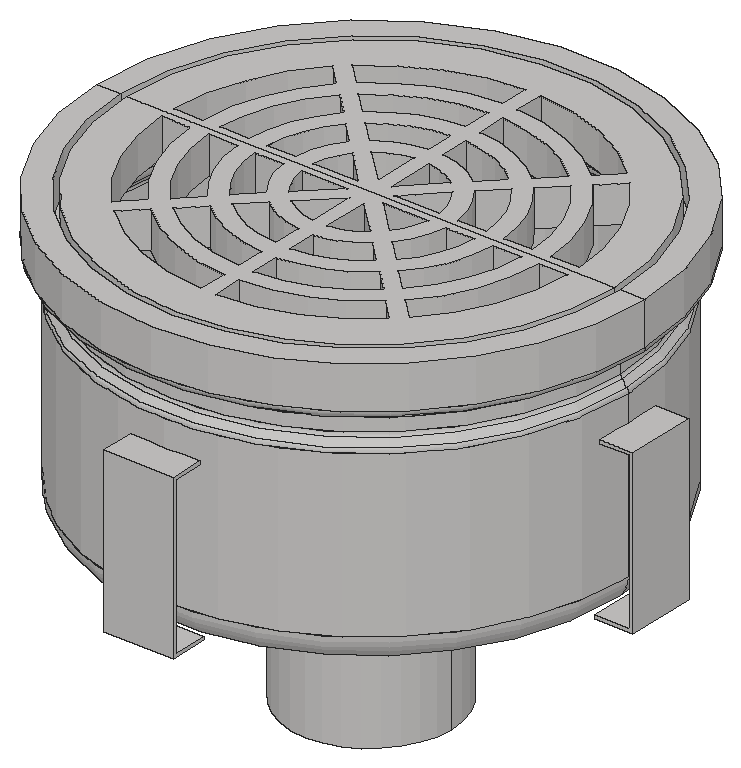
Revit family "Drain_Floor_12_Inch_Round-Zurn-Z1805-12B", category Plumbing Fixtures, Revit 2022
Family settings
  Round Connector Dimension = Use Radius
  Part Type = Normal
  OmniClass Number = 23.45.55.21
  OmniClass Title = Drains (Wastes)
  Work Plane-Based = No
  Always vertical = Yes
  Cut with Voids When Loaded = No
  Maintain Annotation Orientation = No
  Shared = No
  Room Calculation Point = No
Parameters (values of type "Load Family Type Catalogue")
  Waste Connection = 1 = 1  # yes
  WFU = 1  # constant formula
  Vent Connection = 1 = 0  # no
  URL = "www.zurn.com"
  Type Comments = "Z1805-12B- 3 Inch No-Hub Outlet (Sch 10)"
  Product data url = "https://bimobject.com/zurnindustries/product/Z1805-12B"
  Product Page URL = "https://www.zurn.com/products/drainage-interceptors/stainless-drains/stainless-floor-drains/fabricated-stainless-floor-drains/z1805-12b"
  Product Documentation Link = "https://files.zurn.com/spec-sheets/z1805-12b.pdf"
  Pipe Size 'A' (Outer Radius) = [Pipe Size 'A' (Outer Diameter)] / 2  # 1.750"
  Pipe Size 'A' (Inner Radius) = [Pipe Size 'A' (Inner Diameter)] / 2  # 1.630"
  Pipe Size 'A' (Inner Diameter) = 3.260"
  Pipe Size 'A' (Nominal Radius) = [Pipe Size 'A' (Nominal Diameter)] / 2  # 1.500"
  Modified Date = "02/18/2026"  # constant formula
  Model = "Z1805-12B"
  Manufacurer Brand = "Zurn"  # constant formula
  Manufacturer = "Zurn Water, LLC"  # constant formula
  Main Material = Steel - Zurn - Stainless - Type - 304
  HWFU = 0  # constant formula
  HW Connection = 1 = 0  # no
  Body Height  ' E ' = 9.750"
  Description = "12” [305] ROUND INDUSTRIAL HIGH-CAPACITY SANITARY FLOOR DRAIN"  # constant formula
  Default Elevation = 20.000"
  Date Created = "06/14/2024"  # constant formula
  CWFU = 0  # constant formula
  CW Connection = 1 = 0  # no
  Assembly Code = "D2030300"
  Pipe Size 'A' (Outer Diameter) = 3.500"
  Pipe Size 'A' (Nominal Diameter) = 3.000"
Reference planes (in)
  plane 1 "Center (Front/Back)": y = 0
  plane 2: z = 0
  plane 3 "Center (Left/Right)": x = 0
  plane 4 "Outlet": z = -9.75
  plane 5: z = -7.143
  plane 6: x = 1.75
  plane 7: z = -2.5
  plane 8: z = -6
  plane 9: x = -6.25
  plane 10: x = 6.25
  plane 11: x = -5.297
  plane 12: y = 0.75
  plane 13: y = -0.75
  plane 14: z = -2.5
  plane 15: z = -6
  plane 16: y = 6.25
  plane 17: y = -6.25
  plane 18: x = -0.75
  plane 19: x = 0.75
  plane 20: x = -1.75
  plane 21: x = 5.906
  plane 22: x = -5.906
  plane 23: x = 5.375
  plane 24: x = -5.375
  plane 25: x = 0
  plane 26: x = -0.156
  plane 27: through (0, 0, 48) normal (0.7071, -0.7071, 0)
  plane 28: through (0.11031, -0.11031, 48) normal (0.7071, -0.7071, 0)
  plane 29: through (0, 0, 48) normal (0.7071, -0.7071, 0)
  plane 30: through (-0.11031, 0.11031, 48) normal (0.7071, -0.7071, 0)
  plane 31: y = 0
  plane 32: y = -0.156
  plane 33: y = 0
  plane 34: y = 0.156
  plane 35: through (0, 0, 48) normal (-0.7071, -0.7071, 0)
  plane 36: through (-0.11031, -0.11031, 48) normal (-0.7071, -0.7071, 0)
  plane 37: through (0, 0, 48) normal (-0.7071, -0.7071, 0)
  plane 38: through (0.11031, 0.11031, 48) normal (-0.7071, -0.7071, 0)
  plane 39: x = 0
  plane 40: x = -0.156
  plane 41: x = 0
  plane 42: x = 0.156
  plane 43: through (0, 0, 48) normal (-0.7071, 0.7071, 0)
  plane 44: through (-0.11031, 0.11031, 48) normal (-0.7071, 0.7071, 0)
  plane 45: through (0, 0, 48) normal (-0.7071, 0.7071, 0)
  plane 46: through (0.11031, -0.11031, 48) normal (-0.7071, 0.7071, 0)
  plane 47: y = 0
  plane 48: y = 0.156
  plane 49: y = 0
  plane 50: y = -0.156
  plane 51: through (0, 0, 48) normal (0.7071, 0.7071, 0)
  plane 52: through (0.11031, 0.11031, 48) normal (0.7071, 0.7071, 0)
  plane 53: through (0, 0, 48) normal (0.7071, 0.7071, 0)
  plane 54: through (-0.11031, -0.11031, 48) normal (0.7071, 0.7071, 0)
  plane 55: x = 0
  plane 56: x = 0.156
  plane 57: x = 1.75
  plane 58: y = 1.75
  plane 59: y = -1.75
  plane 60: x = -1.75
Forms (in)
  Revolve 1, solid, material "Steel - Zurn - Stainless - Type - 304" <- "Main Material", detail levels fine
    sketch origin (0, 0, 0) x (1, 0, 0) y (0, 0, 1)
      loop
        line (5.906, 0) -> (5.375, 0) -> (5.375, -0.75) -> (5.25, -0.75) -> (5.25, 0) -> (0, 0) -> (0, -0.8) -> (5.25, -0.8) -> (5.25, -1.60851)
        arc (5.25, -1.60851) -> (5.26421, -1.69577) -> (5.30538, -1.77401) r 0.275
        line (5.30538, -1.77401) -> (5.3913, -1.88803)
        arc (5.3913, -1.88803) -> (5.41375, -1.9307) -> (5.4215, -1.9783) r 0.15
        line (5.4215, -1.9783) -> (5.4215, -5.46972)
        arc (5.4215, -5.46972) -> (5.30827, -5.78083) -> (5.02155, -5.94637) r 0.484
        line (5.02155, -5.94637) -> (1.93478, -6.49065)
        arc (1.93478, -6.49065) -> (1.71629, -6.61679) -> (1.63, -6.85387) r 0.36883
        line (1.63, -6.85387) -> (1.63, -7.143) -> (1.75, -7.143) -> (1.75, -6.87055)
        arc (1.75, -6.87055) -> (1.81145, -6.70172) -> (1.96705, -6.61188) r 0.26266
        line (1.96705, -6.61188) -> (5.04325, -6.06947)
        arc (5.04325, -6.06947) -> (5.40402, -5.86118) -> (5.5465, -5.46972) r 0.609
        line (5.5465, -5.46972) -> (5.5465, -1.93648)
        arc (5.5465, -1.93648) -> (5.53875, -1.88888) -> (5.5163, -1.8462) r 0.15
        line (5.5163, -1.8462) -> (5.4052, -1.69878)
        arc (5.4052, -1.69878) -> (5.38275, -1.65611) -> (5.375, -1.60851) r 0.15
        line (5.375, -1.60851) -> (5.375, -1.33248)
        arc (5.375, -1.33248) -> (5.40138, -1.24752) -> (5.47124, -1.19244) r 0.15
        line (5.47124, -1.19244) -> (5.80976, -1.0625)
        arc (5.80976, -1.0625) -> (5.87962, -1.00742) -> (5.906, -0.92246) r 0.15
        line (5.906, -0.92246) -> (5.906, 0)
      axis (0, 0) -> (0, -7.143)
    angle from 0 to 360
  Extrusion 2, solid, material "Steel - Zurn - Stainless - Type - 304" <- "Main Material", detail levels fine
    sketch origin (0, 0, 0) x (1, 0, 0) y (0, 1, 0)
      loop
        circle (0, 0) r 1.63
      loop
        circle (0, 0) r 1.75
    from -7.143 to -9.75
  Extrusion 3, solid, material "Steel - Zurn - Stainless - Type - 304" <- "Main Material", detail levels fine
    sketch origin (0, 0, 0) x (1, 0, 0) y (0, 0, 1)
      loop
        line (-5.53125, -2.5) -> (-6.25, -2.5) -> (-6.25, -6) -> (-5.297, -6) -> (-5.297, -5.925) -> (-6.175, -5.925) -> (-6.175, -2.575) -> (-5.53125, -2.575) -> (-5.53125, -2.5)
      loop
        line (5.53125, -2.5) -> (5.53125, -2.575) -> (6.175, -2.575) -> (6.175, -5.925) -> (5.425, -5.925) -> (5.425, -6) -> (6.25, -6) -> (6.25, -2.5) -> (5.53125, -2.5)
    from -0.75 to 0.75
  Extrusion 4, solid, material "Steel - Zurn - Stainless - Type - 304" <- "Main Material", detail levels fine
    sketch origin (14.622, 0, 0) x (0, -1, 0) y (0, 0, 1)
      loop
        line (-5.53125, -2.5) -> (-6.25, -2.5) -> (-6.25, -6) -> (-5.425, -6) -> (-5.425, -5.925) -> (-6.175, -5.925) -> (-6.175, -2.575) -> (-5.53125, -2.575) -> (-5.53125, -2.5)
      loop
        line (5.53125, -2.5) -> (5.53125, -2.575) -> (6.175, -2.575) -> (6.175, -5.925) -> (5.425, -5.925) -> (5.425, -6) -> (6.25, -6) -> (6.25, -2.5) -> (5.53125, -2.5)
    from 13.872 to 15.372
  Extrusion 5, void
    sketch origin (0, 0, 0) x (1, 0, 0) y (0, 1, 0)
      loop
        arc (-0.85569, -1.0763) -> (-0.52619, -1.27033) -> (-0.156, -1.36612) r 1.375
        line (-0.156, -1.36612) -> (-0.156, -0.37662) -> (-0.85569, -1.0763)
      loop
        line (-1.1222, -1.34282) -> (-1.56544, -1.78606)
        arc (-1.56544, -1.78606) -> (-0.90887, -2.19421) -> (-0.156, -2.36987) r 2.375
        line (-0.156, -2.36987) -> (-0.156, -1.74303)
        arc (-0.156, -1.74303) -> (-0.6697, -1.61679) -> (-1.1222, -1.34282) r 1.75
      loop
        line (-1.8311, -2.05172) -> (-2.27363, -2.49424)
        arc (-2.27363, -2.49424) -> (-1.29156, -3.11809) -> (-0.156, -3.37139) r 3.375
        line (-0.156, -3.37139) -> (-0.156, -2.74557)
        arc (-0.156, -2.74557) -> (-1.05238, -2.54067) -> (-1.8311, -2.05172) r 2.75
      loop
        line (-2.53905, -2.75966) -> (-2.98132, -3.20193)
        arc (-2.98132, -3.20193) -> (-1.67424, -4.04197) -> (-0.156, -4.37222) r 4.375
        line (-0.156, -4.37222) -> (-0.156, -3.74675)
        arc (-0.156, -3.74675) -> (-1.43506, -3.46455) -> (-2.53905, -2.75966) r 3.75
    from 0 to -0.8
  Extrusion 6, void
    sketch origin (0, 0, 0) x (0.707107, -0.707107, 0) y (0.707107, 0.707107, 0)
      loop
        arc (-0.85569, -1.0763) -> (-0.52619, -1.27033) -> (-0.156, -1.36612) r 1.375
        line (-0.156, -1.36612) -> (-0.156, -0.37662) -> (-0.85569, -1.0763)
      loop
        line (-1.1222, -1.34282) -> (-1.56544, -1.78606)
        arc (-1.56544, -1.78606) -> (-0.90887, -2.19421) -> (-0.156, -2.36987) r 2.375
        line (-0.156, -2.36987) -> (-0.156, -1.74303)
        arc (-0.156, -1.74303) -> (-0.6697, -1.61679) -> (-1.1222, -1.34282) r 1.75
      loop
        line (-1.8311, -2.05172) -> (-2.27363, -2.49424)
        arc (-2.27363, -2.49424) -> (-1.29156, -3.11809) -> (-0.156, -3.37139) r 3.375
        line (-0.156, -3.37139) -> (-0.156, -2.74557)
        arc (-0.156, -2.74557) -> (-1.05238, -2.54067) -> (-1.8311, -2.05172) r 2.75
      loop
        line (-2.53905, -2.75966) -> (-2.98132, -3.20193)
        arc (-2.98132, -3.20193) -> (-1.67424, -4.04197) -> (-0.156, -4.37222) r 4.375
        line (-0.156, -4.37222) -> (-0.156, -3.74675)
        arc (-0.156, -3.74675) -> (-1.43506, -3.46455) -> (-2.53905, -2.75966) r 3.75
    from 0 to -0.8
  Extrusion 7, void
    sketch origin (0, 0, 0) x (0, -1, 0) y (1, 0, 0)
      loop
        arc (-0.85569, -1.0763) -> (-0.52619, -1.27033) -> (-0.156, -1.36612) r 1.375
        line (-0.156, -1.36612) -> (-0.156, -0.37662) -> (-0.85569, -1.0763)
      loop
        line (-1.1222, -1.34282) -> (-1.56544, -1.78606)
        arc (-1.56544, -1.78606) -> (-0.90887, -2.19421) -> (-0.156, -2.36987) r 2.375
        line (-0.156, -2.36987) -> (-0.156, -1.74303)
        arc (-0.156, -1.74303) -> (-0.6697, -1.61679) -> (-1.1222, -1.34282) r 1.75
      loop
        line (-1.8311, -2.05172) -> (-2.27363, -2.49424)
        arc (-2.27363, -2.49424) -> (-1.29156, -3.11809) -> (-0.156, -3.37139) r 3.375
        line (-0.156, -3.37139) -> (-0.156, -2.74557)
        arc (-0.156, -2.74557) -> (-1.05238, -2.54067) -> (-1.8311, -2.05172) r 2.75
      loop
        line (-2.53905, -2.75966) -> (-2.98132, -3.20193)
        arc (-2.98132, -3.20193) -> (-1.67424, -4.04197) -> (-0.156, -4.37222) r 4.375
        line (-0.156, -4.37222) -> (-0.156, -3.74675)
        arc (-0.156, -3.74675) -> (-1.43506, -3.46455) -> (-2.53905, -2.75966) r 3.75
    from 0 to -0.8
  Extrusion 8, void
    sketch origin (0, 0, 0) x (-0.707107, -0.707107, 0) y (0.707107, -0.707107, 0)
      loop
        arc (-0.85569, -1.0763) -> (-0.52619, -1.27033) -> (-0.156, -1.36612) r 1.375
        line (-0.156, -1.36612) -> (-0.156, -0.37662) -> (-0.85569, -1.0763)
      loop
        line (-1.1222, -1.34282) -> (-1.56544, -1.78606)
        arc (-1.56544, -1.78606) -> (-0.90887, -2.19421) -> (-0.156, -2.36987) r 2.375
        line (-0.156, -2.36987) -> (-0.156, -1.74303)
        arc (-0.156, -1.74303) -> (-0.6697, -1.61679) -> (-1.1222, -1.34282) r 1.75
      loop
        line (-1.8311, -2.05172) -> (-2.27363, -2.49424)
        arc (-2.27363, -2.49424) -> (-1.29156, -3.11809) -> (-0.156, -3.37139) r 3.375
        line (-0.156, -3.37139) -> (-0.156, -2.74557)
        arc (-0.156, -2.74557) -> (-1.05238, -2.54067) -> (-1.8311, -2.05172) r 2.75
      loop
        line (-2.53905, -2.75966) -> (-2.98132, -3.20193)
        arc (-2.98132, -3.20193) -> (-1.67424, -4.04197) -> (-0.156, -4.37222) r 4.375
        line (-0.156, -4.37222) -> (-0.156, -3.74675)
        arc (-0.156, -3.74675) -> (-1.43506, -3.46455) -> (-2.53905, -2.75966) r 3.75
    from 0 to -0.8
  Extrusion 9, void
    sketch origin (0, 0, 0) x (-1, 0, 0) y (0, -1, 0)
      loop
        arc (-0.85569, -1.0763) -> (-0.52619, -1.27033) -> (-0.156, -1.36612) r 1.375
        line (-0.156, -1.36612) -> (-0.156, -0.37662) -> (-0.85569, -1.0763)
      loop
        line (-1.1222, -1.34282) -> (-1.56544, -1.78606)
        arc (-1.56544, -1.78606) -> (-0.90887, -2.19421) -> (-0.156, -2.36987) r 2.375
        line (-0.156, -2.36987) -> (-0.156, -1.74303)
        arc (-0.156, -1.74303) -> (-0.6697, -1.61679) -> (-1.1222, -1.34282) r 1.75
      loop
        line (-1.8311, -2.05172) -> (-2.27363, -2.49424)
        arc (-2.27363, -2.49424) -> (-1.29156, -3.11809) -> (-0.156, -3.37139) r 3.375
        line (-0.156, -3.37139) -> (-0.156, -2.74557)
        arc (-0.156, -2.74557) -> (-1.05238, -2.54067) -> (-1.8311, -2.05172) r 2.75
      loop
        line (-2.53905, -2.75966) -> (-2.98132, -3.20193)
        arc (-2.98132, -3.20193) -> (-1.67424, -4.04197) -> (-0.156, -4.37222) r 4.375
        line (-0.156, -4.37222) -> (-0.156, -3.74675)
        arc (-0.156, -3.74675) -> (-1.43506, -3.46455) -> (-2.53905, -2.75966) r 3.75
    from 0 to -0.8
  Extrusion 10, void
    sketch origin (0, 0, 0) x (-0.707107, 0.707107, 0) y (-0.707107, -0.707107, 0)
      loop
        arc (-0.85569, -1.0763) -> (-0.52619, -1.27033) -> (-0.156, -1.36612) r 1.375
        line (-0.156, -1.36612) -> (-0.156, -0.37662) -> (-0.85569, -1.0763)
      loop
        line (-1.1222, -1.34282) -> (-1.56544, -1.78606)
        arc (-1.56544, -1.78606) -> (-0.90887, -2.19421) -> (-0.156, -2.36987) r 2.375
        line (-0.156, -2.36987) -> (-0.156, -1.74303)
        arc (-0.156, -1.74303) -> (-0.6697, -1.61679) -> (-1.1222, -1.34282) r 1.75
      loop
        line (-1.8311, -2.05172) -> (-2.27363, -2.49424)
        arc (-2.27363, -2.49424) -> (-1.29156, -3.11809) -> (-0.156, -3.37139) r 3.375
        line (-0.156, -3.37139) -> (-0.156, -2.74557)
        arc (-0.156, -2.74557) -> (-1.05238, -2.54067) -> (-1.8311, -2.05172) r 2.75
      loop
        line (-2.53905, -2.75966) -> (-2.98132, -3.20193)
        arc (-2.98132, -3.20193) -> (-1.67424, -4.04197) -> (-0.156, -4.37222) r 4.375
        line (-0.156, -4.37222) -> (-0.156, -3.74675)
        arc (-0.156, -3.74675) -> (-1.43506, -3.46455) -> (-2.53905, -2.75966) r 3.75
    from 0 to -0.8
  Extrusion 11, void
    sketch origin (0, 0, 0) x (0, 1, 0) y (-1, 0, 0)
      loop
        arc (-0.85569, -1.0763) -> (-0.52619, -1.27033) -> (-0.156, -1.36612) r 1.375
        line (-0.156, -1.36612) -> (-0.156, -0.37662) -> (-0.85569, -1.0763)
      loop
        line (-1.1222, -1.34282) -> (-1.56544, -1.78606)
        arc (-1.56544, -1.78606) -> (-0.90887, -2.19421) -> (-0.156, -2.36987) r 2.375
        line (-0.156, -2.36987) -> (-0.156, -1.74303)
        arc (-0.156, -1.74303) -> (-0.6697, -1.61679) -> (-1.1222, -1.34282) r 1.75
      loop
        line (-1.8311, -2.05172) -> (-2.27363, -2.49424)
        arc (-2.27363, -2.49424) -> (-1.29156, -3.11809) -> (-0.156, -3.37139) r 3.375
        line (-0.156, -3.37139) -> (-0.156, -2.74557)
        arc (-0.156, -2.74557) -> (-1.05238, -2.54067) -> (-1.8311, -2.05172) r 2.75
      loop
        line (-2.53905, -2.75966) -> (-2.98132, -3.20193)
        arc (-2.98132, -3.20193) -> (-1.67424, -4.04197) -> (-0.156, -4.37222) r 4.375
        line (-0.156, -4.37222) -> (-0.156, -3.74675)
        arc (-0.156, -3.74675) -> (-1.43506, -3.46455) -> (-2.53905, -2.75966) r 3.75
    from 0 to -0.8
  Extrusion 12, void
    sketch origin (0, 0, 0) x (0.707107, 0.707107, 0) y (-0.707107, 0.707107, 0)
      loop
        arc (-0.85569, -1.0763) -> (-0.52619, -1.27033) -> (-0.156, -1.36612) r 1.375
        line (-0.156, -1.36612) -> (-0.156, -0.37662) -> (-0.85569, -1.0763)
      loop
        line (-1.1222, -1.34282) -> (-1.56544, -1.78606)
        arc (-1.56544, -1.78606) -> (-0.90887, -2.19421) -> (-0.156, -2.36987) r 2.375
        line (-0.156, -2.36987) -> (-0.156, -1.74303)
        arc (-0.156, -1.74303) -> (-0.6697, -1.61679) -> (-1.1222, -1.34282) r 1.75
      loop
        line (-1.8311, -2.05172) -> (-2.27363, -2.49424)
        arc (-2.27363, -2.49424) -> (-1.29156, -3.11809) -> (-0.156, -3.37139) r 3.375
        line (-0.156, -3.37139) -> (-0.156, -2.74557)
        arc (-0.156, -2.74557) -> (-1.05238, -2.54067) -> (-1.8311, -2.05172) r 2.75
      loop
        line (-2.53905, -2.75966) -> (-2.98132, -3.20193)
        arc (-2.98132, -3.20193) -> (-1.67424, -4.04197) -> (-0.156, -4.37222) r 4.375
        line (-0.156, -4.37222) -> (-0.156, -3.74675)
        arc (-0.156, -3.74675) -> (-1.43506, -3.46455) -> (-2.53905, -2.75966) r 3.75
    from 0 to -0.8
Cuts and joins
  Extrusion 5, Extrusion 6, Extrusion 7, Extrusion 8, Extrusion 9, Extrusion 10, Extrusion 11, Extrusion 12 cuts Revolve 1
Lines and regions (in)
  Masking region 1, detail levels fine
    outline origin (0, 0, 0) x (1, 0, 0) y (0, 1, 0)
      loop
        arc (-0.75, 5.85819) -> (-4.17617, 4.17617) -> (-5.85819, 0.75) r 5.906
        line (-5.85819, 0.75) -> (-6.25, 0.75) -> (-6.25, -0.75) -> (-5.85819, -0.75)
        arc (-5.85819, -0.75) -> (-4.17617, -4.17617) -> (-0.75, -5.85819) r 5.906
        line (-0.75, -5.85819) -> (-0.75, -6.25) -> (0.75, -6.25) -> (0.75, -5.85819)
        arc (0.75, -5.85819) -> (4.17617, -4.17617) -> (5.85819, -0.75) r 5.906
        line (5.85819, -0.75) -> (6.25, -0.75) -> (6.25, 0.75) -> (5.85819, 0.75)
        arc (5.85819, 0.75) -> (4.17617, 4.17617) -> (0.75, 5.85819) r 5.906
        line (0.75, 5.85819) -> (0.75, 6.25) -> (-0.75, 6.25) -> (-0.75, 5.85819)
  model lines, detail levels coarse+medium
    curve 1: arc (5.906, 0, 0) -> (0, 5.906, 0) -> (-5.906, 0, 0) r 5.906
    curve 2: arc (-5.906, 0, 0) -> (0, -5.906, 0) -> (5.906, 0, 0) r 5.906
    curve 3: arc (5.25, 0, 0) -> (0, 5.25, 0) -> (-5.25, 0, 0) r 5.25
    curve 4: arc (-5.25, 0, 0) -> (0, -5.25, 0) -> (5.25, 0, 0) r 5.25
    curve 5: arc (5.375, 0, 0) -> (0, 5.375, 0) -> (-5.375, 0, 0) r 5.375
    curve 6: arc (-5.375, 0, 0) -> (0, -5.375, 0) -> (5.375, 0, 0) r 5.375
    curve 7: line (-1.75, 0, -9.75) -> (1.75, 0, -9.75)
    curve 8: line (0, 1.75, -9.75) -> (0, -1.75, -9.75)
    curve 9: line (0, 0, 0) -> (0, 0, -9.75)
    curve 10: line (0, 5.25, 0) -> (0, -5.25, 0)
    curve 11: line (-1.075, 5.13876, 0) -> (-1.075, -5.13876, 0)
    curve 12: line (-2.15, 4.78957, 0) -> (-2.15, -4.78957, 0)
    curve 13: line (-3.225, 4.14269, 0) -> (-3.225, -4.14269, 0)
    curve 14: line (-4.3, 3.01206, 0) -> (-4.3, -3.01206, 0)
    curve 15: line (1.075, 5.13876, 0) -> (1.075, -5.13876, 0)
    curve 16: line (2.15, 4.78957, 0) -> (2.15, -4.78957, 0)
    curve 17: line (3.225, 4.14269, 0) -> (3.225, -4.14269, 0)
    curve 18: line (4.3, 3.01206, 0) -> (4.3, -3.01206, 0)
    curve 19: line (-5.25, 0, 0) -> (5.25, 0, 0)
    curve 20: line (-5.15388, 1, 0) -> (5.15388, 1, 0)
    curve 21: line (-4.85412, 2, 0) -> (4.85412, 2, 0)
    curve 22: line (-4.30842, 3, 0) -> (4.30842, 3, 0)
    curve 23: line (-3.40037, 4, 0) -> (3.40037, 4, 0)
    curve 24: line (-5.15388, -1, 0) -> (5.15388, -1, 0)
    curve 25: line (-4.85412, -2, 0) -> (4.85412, -2, 0)
    curve 26: line (-4.30842, -3, 0) -> (4.30842, -3, 0)
    curve 27: line (-3.40037, -4, 0) -> (3.40037, -4, 0)
Dimensions and locks (in)
  "Body Height  ' E '": level to plane 4 "Outlet"
  locked: level to plane 5 at 7.143
  locked: level to plane 7 at 2.5
  level to plane 8 = 6.000"
  locked: plane 7 to Extrusion 3 sketch curve at 0.075  (x2)
  locked: Extrusion 3 sketch curve to plane 9 at 0.075
  locked: Extrusion 3 sketch curve to plane 8 at 0.075  (x2)
  locked: Extrusion 3 sketch curve to Extrusion 3 sketch curve at 0.075
  equal spacing: plane 12, plane 1 "Center (Front/Back)", plane 13
  locked: plane 12 to plane 13 at 1.5
  locked: plane 14 to Extrusion 4 sketch curve at 0.075  (x2)
  locked: Extrusion 4 sketch curve to plane 16 at 0.075
  locked: Extrusion 4 sketch curve to plane 15 at 0.075  (x2)
  locked: Extrusion 4 sketch curve to Extrusion 4 sketch curve at 0.075
  equal spacing: plane 18, plane 3 "Center (Left/Right)", plane 19
  locked: plane 18 to plane 19 at 1.5
  equal spacing: plane 6, plane 3 "Center (Left/Right)", plane 20
  "Pipe Size 'A' (Outer Diameter)": plane 6 to plane 20
  locked: level to plane 14 at 2.5
  locked: level to plane 15 at 6
  plane 16 to plane 1 "Center (Front/Back)" to plane 17 = 6.250", 6.250"
  locked: plane 16 to Extrusion 4 sketch curve at 0.71875
  locked: Extrusion 4 sketch curve to plane 17 at 0.71875
  equal spacing: plane 10, plane 3 "Center (Left/Right)", plane 9
  locked: plane 10 to plane 9 at 12.5
  locked: plane 10 to Extrusion 3 sketch curve at 0.71875
  locked: Extrusion 3 sketch curve to plane 9 at 0.71875
  equal spacing: plane 21, plane 3 "Center (Left/Right)", plane 22, locked at 5.906 each
  locked: plane 21 to plane 22 at 11.812
  equal spacing: plane 23, plane 3 "Center (Left/Right)", plane 24, locked at 5.375 each
  locked: plane 23 to plane 24 at 10.75
  locked: level to Revolve 1 sketch curve at 1.0625
  locked: Revolve 1 sketch curve to Revolve 1 sketch curve at 5.5465
  locked: Revolve 1 sketch curve to plane 5 at 1.67328
  locked: level to Revolve 1 sketch curve at 0.75
  locked: plane 23 to Revolve 1 sketch curve at 0.125
  locked: Revolve 1 sketch curve to Revolve 1 sketch curve at 0.125  (x3)
  locked: level to Revolve 1 sketch curve at 0.8
  "Pipe Size 'A' (Inner Radius)": Revolve 1 sketch curve to plane 3 "Center (Left/Right)"
  locked: plane 28 to plane 27 at 0.156
  locked: plane 26 to plane 25 at 0.156
  locked: plane 32 to plane 31 at 0.156
  locked: plane 30 to plane 29 at 0.156
  locked: plane 36 to plane 35 at 0.156
  locked: plane 34 to plane 33 at 0.156
  locked: plane 40 to plane 39 at 0.156
  locked: plane 38 to plane 37 at 0.156
  locked: plane 44 to plane 43 at 0.156
  locked: plane 42 to plane 41 at 0.156
  locked: plane 48 to plane 47 at 0.156
  locked: plane 46 to plane 45 at 0.156
  locked: plane 52 to plane 51 at 0.156
  locked: plane 50 to plane 49 at 0.156
  locked: plane 56 to plane 55 at 0.156
  locked: plane 54 to plane 53 at 0.156
  equal spacing: plane 60, plane 3 "Center (Left/Right)", plane 57
  "Pipe Size 'A' (Outer Diameter)": plane 60 to plane 57
  equal spacing: plane 59, plane 1 "Center (Front/Back)", plane 58
  "Pipe Size 'A' (Outer Diameter)": plane 58 to plane 59
  equal spacing: curve 14, curve 13, curve 12, curve 11, plane 3 "Center (Left/Right)", curve 15, curve 16, curve 17, curve 18
  curve 14 to curve 18 = 8.600"
  equal spacing: curve 27, curve 26, curve 25, curve 24, plane 1 "Center (Front/Back)", curve 20, curve 21, curve 22, curve 23, locked at 1 each
  locked: curve 27 to curve 23 at 8
  "Pipe Size 'A' (Outer Diameter)": diameter of Extrusion 2 sketch curve
  "Pipe Size 'A' (Inner Diameter)": diameter of Extrusion 2 sketch curve
  radius of Revolve 1 sketch curve = 0.609"
  locked: Revolve 1 sketch curve to Revolve 1 sketch curve (angle 143.00°)
  locked: Revolve 1 sketch curve to Revolve 1 sketch curve (angle 100.00°)
  locked: plane 27 to plane 25 (angle 45.00°)
  locked: plane 31 to plane 29 (angle 45.00°)
  locked: plane 35 to plane 33 (angle 45.00°)
  locked: plane 39 to plane 37 (angle 45.00°)
  locked: plane 43 to plane 41 (angle 45.00°)
  locked: plane 47 to plane 45 (angle 45.00°)
  locked: plane 51 to plane 49 (angle 45.00°)
  locked: plane 55 to plane 53 (angle 45.00°)
  aligned and locked: plane 2 to level
  aligned and locked: plane 3 "Center (Left/Right)" to Revolve 1 sketch curve
  aligned and locked: plane 5 to Revolve 1 sketch curve
  aligned and locked: Revolve 1 sketch curve to plane 6
  aligned and locked: Revolve 1 sketch curve to plane 3 "Center (Left/Right)"
  aligned and locked: Extrusion 2 to plane 4 "Outlet"
  aligned and locked: Extrusion 2 to Revolve 1
  aligned and locked: plane 7 to Extrusion 3 sketch curve
  aligned and locked: Extrusion 3 sketch curve to plane 9
  aligned and locked: Extrusion 3 sketch curve to plane 8
  aligned and locked: plane 11 to Extrusion 3 sketch curve
  aligned and locked: Extrusion 3 sketch curve to plane 11
  aligned and locked: plane 8 to Extrusion 3 sketch curve
  aligned and locked: plane 12 to Extrusion 3
  aligned and locked: Extrusion 3 to plane 13
  aligned and locked: Extrusion 4 sketch curve to plane 16
  aligned and locked: Extrusion 4 sketch curve to plane 15
  aligned and locked: plane 15 to Extrusion 4 sketch curve
  aligned and locked: Extrusion 4 to plane 18
  aligned and locked: plane 19 to Extrusion 4
  aligned and locked: Extrusion 3 sketch curve to plane 7
  aligned and locked: Extrusion 4 sketch curve to plane 14
  aligned and locked: plane 3 "Center (Left/Right)" to Extrusion 2 sketch curve  (x2)
  aligned and locked: plane 1 "Center (Front/Back)" to Extrusion 2 sketch curve  (x2)
  aligned and locked: Revolve 1 sketch curve to plane 21
  aligned and locked: Revolve 1 sketch curve to plane 23
  aligned and locked: plane 23 to Revolve 1 sketch curve
  aligned and locked: level to Revolve 1 sketch curve
  aligned and locked: Revolve 1 sketch curve to level
  aligned and locked: Revolve 1 sketch curve to Revolve 1 sketch curve
  aligned and locked: plane 3 "Center (Left/Right)" to plane 25
  aligned and locked: plane 25 to Extrusion 5 sketch curve
  aligned and locked: Extrusion 5 sketch curve to Extrusion 5 sketch curve
  aligned and locked: plane 28 to Extrusion 5 sketch curve  (x7)
  aligned and locked: Extrusion 5 sketch curve to plane 26  (x2)
  aligned and locked: plane 26 to Extrusion 5 sketch curve  (x6)
  aligned and locked: Extrusion 5 to level
  aligned and locked: Extrusion 5 to Revolve 1
  aligned and locked: plane 29 to Extrusion 6 sketch curve
  aligned and locked: Extrusion 6 sketch curve to Extrusion 6 sketch curve
  aligned and locked: plane 32 to Extrusion 6 sketch curve  (x7)
  aligned and locked: Extrusion 6 sketch curve to plane 30  (x2)
  aligned and locked: plane 30 to Extrusion 6 sketch curve  (x6)
  aligned and locked: plane 33 to Extrusion 7 sketch curve
  aligned and locked: Extrusion 7 sketch curve to Extrusion 7 sketch curve
  aligned and locked: plane 36 to Extrusion 7 sketch curve  (x7)
  aligned and locked: Extrusion 7 sketch curve to plane 34  (x2)
  aligned and locked: plane 34 to Extrusion 7 sketch curve  (x6)
  aligned and locked: plane 37 to Extrusion 8 sketch curve
  aligned and locked: Extrusion 8 sketch curve to Extrusion 8 sketch curve
  aligned and locked: plane 40 to Extrusion 8 sketch curve  (x7)
  aligned and locked: Extrusion 8 sketch curve to plane 38  (x2)
  aligned and locked: plane 38 to Extrusion 8 sketch curve  (x6)
  aligned and locked: plane 41 to Extrusion 9 sketch curve
  aligned and locked: Extrusion 9 sketch curve to Extrusion 9 sketch curve
  aligned and locked: plane 44 to Extrusion 9 sketch curve  (x7)
  aligned and locked: Extrusion 9 sketch curve to plane 42  (x2)
  aligned and locked: plane 42 to Extrusion 9 sketch curve  (x6)
  aligned and locked: plane 45 to Extrusion 10 sketch curve
  aligned and locked: Extrusion 10 sketch curve to Extrusion 10 sketch curve
  aligned and locked: plane 48 to Extrusion 10 sketch curve  (x7)
  aligned and locked: Extrusion 10 sketch curve to plane 46  (x2)
  aligned and locked: plane 46 to Extrusion 10 sketch curve  (x6)
  aligned and locked: plane 49 to Extrusion 11 sketch curve
  aligned and locked: Extrusion 11 sketch curve to Extrusion 11 sketch curve
  aligned and locked: plane 52 to Extrusion 11 sketch curve  (x7)
  aligned and locked: Extrusion 11 sketch curve to plane 50  (x2)
  aligned and locked: plane 50 to Extrusion 11 sketch curve  (x6)
  aligned and locked: plane 53 to Extrusion 12 sketch curve
  aligned and locked: Extrusion 12 sketch curve to Extrusion 12 sketch curve
  aligned and locked: plane 56 to Extrusion 12 sketch curve  (x7)
  aligned and locked: Extrusion 12 sketch curve to plane 54  (x2)
  aligned and locked: plane 54 to Extrusion 12 sketch curve  (x6)
  aligned and locked: Masking region 1 sketch curve to cut or joined group 1 (Revolve 1, Extrusion 5, Extrusion 6, Extrusion 7, Extrusion 8, Extrusion 9, Extrusion 10, Extrusion 11, Extrusion 12)  (x4)
  aligned and locked: Masking region 1 sketch curve to Extrusion 4  (x5)
  aligned and locked: curve 1 to cut or joined group 1
  aligned and locked: curve 2 to cut or joined group 1
  aligned and locked: curve 3 to cut or joined group 1
  aligned and locked: curve 4 to cut or joined group 1
  aligned and locked: curve 5 to cut or joined group 1
  aligned and locked: curve 6 to cut or joined group 1
  aligned and locked: plane 60 to curve 7
  aligned and locked: plane 57 to curve 7
  aligned and locked: plane 1 "Center (Front/Back)" to curve 7
  aligned and locked: plane 58 to curve 8
  aligned and locked: plane 59 to curve 8
  aligned and locked: curve 8 to plane 3 "Center (Left/Right)"
  aligned and locked: level to curve 9
  aligned and locked: plane 4 "Outlet" to curve 9
  aligned and locked: curve 9 to plane 3 "Center (Left/Right)"
  aligned and locked: curve 10 to plane 3 "Center (Left/Right)"
  aligned and locked: plane 1 "Center (Front/Back)" to curve 19
  aligned and locked: Extrusion 3 sketch curve to plane 10
  aligned and locked: Masking region 1 sketch curve to Extrusion 3  (x2)
Automatic sketch dimensions
  Extrusion 3 sketch curve to Extrusion 3 sketch curve = 0.750"
  Extrusion 4 sketch curve to plane 17 = 0.000"
  Extrusion 4 sketch curve to Extrusion 4 sketch curve = 0.750"  (x2)
  Extrusion 4 sketch curve to plane 14 = 0.000"
  Extrusion 5 sketch curve to Extrusion 5 sketch curve = 0.000"  (x33)
  plane 27 to Extrusion 5 sketch curve = 0.000"
  Extrusion 5 sketch curve to plane 26 = 0.69969"
  Extrusion 5 sketch curve to Extrusion 5 sketch curve = 0.26652"
  Extrusion 5 sketch curve to Extrusion 5 sketch curve = 0.44324"
  Extrusion 5 sketch curve to Extrusion 5 sketch curve = 0.26566"
  Extrusion 5 sketch curve to Extrusion 5 sketch curve = 0.44252"
  Extrusion 5 sketch curve to Extrusion 5 sketch curve = 0.26542"
  Extrusion 5 sketch curve to Extrusion 5 sketch curve = 0.44227"
  Extrusion 6 sketch curve to Extrusion 6 sketch curve = 0.000"  (x33)
  plane 31 to Extrusion 6 sketch curve = 0.000"
  Extrusion 6 sketch curve to plane 30 = 0.69969"
  Extrusion 6 sketch curve to Extrusion 6 sketch curve = 0.26652"
  Extrusion 6 sketch curve to Extrusion 6 sketch curve = 0.44324"
  Extrusion 6 sketch curve to Extrusion 6 sketch curve = 0.26566"
  Extrusion 6 sketch curve to Extrusion 6 sketch curve = 0.44252"
  Extrusion 6 sketch curve to Extrusion 6 sketch curve = 0.26542"
  Extrusion 6 sketch curve to Extrusion 6 sketch curve = 0.44227"
  Extrusion 7 sketch curve to Extrusion 7 sketch curve = 0.000"  (x33)
  plane 35 to Extrusion 7 sketch curve = 0.000"
  Extrusion 7 sketch curve to plane 34 = 0.69969"
  Extrusion 7 sketch curve to Extrusion 7 sketch curve = 0.26652"
  Extrusion 7 sketch curve to Extrusion 7 sketch curve = 0.44324"
  Extrusion 7 sketch curve to Extrusion 7 sketch curve = 0.26566"
  Extrusion 7 sketch curve to Extrusion 7 sketch curve = 0.44252"
  Extrusion 7 sketch curve to Extrusion 7 sketch curve = 0.26542"
  Extrusion 7 sketch curve to Extrusion 7 sketch curve = 0.44227"
  Extrusion 8 sketch curve to Extrusion 8 sketch curve = 0.000"  (x33)
  plane 39 to Extrusion 8 sketch curve = 0.000"
  Extrusion 8 sketch curve to plane 38 = 0.69969"
  Extrusion 8 sketch curve to Extrusion 8 sketch curve = 0.26652"
  Extrusion 8 sketch curve to Extrusion 8 sketch curve = 0.44324"
  Extrusion 8 sketch curve to Extrusion 8 sketch curve = 0.26566"
  Extrusion 8 sketch curve to Extrusion 8 sketch curve = 0.44252"
  Extrusion 8 sketch curve to Extrusion 8 sketch curve = 0.26542"
  Extrusion 8 sketch curve to Extrusion 8 sketch curve = 0.44227"
  Extrusion 9 sketch curve to Extrusion 9 sketch curve = 0.000"  (x33)
  plane 43 to Extrusion 9 sketch curve = 0.000"
  Extrusion 9 sketch curve to plane 42 = 0.69969"
  Extrusion 9 sketch curve to Extrusion 9 sketch curve = 0.26652"
  Extrusion 9 sketch curve to Extrusion 9 sketch curve = 0.44324"
  Extrusion 9 sketch curve to Extrusion 9 sketch curve = 0.26566"
  Extrusion 9 sketch curve to Extrusion 9 sketch curve = 0.44252"
  Extrusion 9 sketch curve to Extrusion 9 sketch curve = 0.26542"
  Extrusion 9 sketch curve to Extrusion 9 sketch curve = 0.44227"
  Extrusion 10 sketch curve to Extrusion 10 sketch curve = 0.000"  (x33)
  plane 47 to Extrusion 10 sketch curve = 0.000"
  Extrusion 10 sketch curve to plane 46 = 0.69969"
  Extrusion 10 sketch curve to Extrusion 10 sketch curve = 0.26652"
  Extrusion 10 sketch curve to Extrusion 10 sketch curve = 0.44324"
  Extrusion 10 sketch curve to Extrusion 10 sketch curve = 0.26566"
  Extrusion 10 sketch curve to Extrusion 10 sketch curve = 0.44252"
  Extrusion 10 sketch curve to Extrusion 10 sketch curve = 0.26542"
  Extrusion 10 sketch curve to Extrusion 10 sketch curve = 0.44227"
  Extrusion 11 sketch curve to Extrusion 11 sketch curve = 0.000"  (x33)
  plane 51 to Extrusion 11 sketch curve = 0.000"
  Extrusion 11 sketch curve to plane 50 = 0.69969"
  Extrusion 11 sketch curve to Extrusion 11 sketch curve = 0.26652"
  Extrusion 11 sketch curve to Extrusion 11 sketch curve = 0.44324"
  Extrusion 11 sketch curve to Extrusion 11 sketch curve = 0.26566"
  Extrusion 11 sketch curve to Extrusion 11 sketch curve = 0.44252"
  Extrusion 11 sketch curve to Extrusion 11 sketch curve = 0.26542"
  Extrusion 11 sketch curve to Extrusion 11 sketch curve = 0.44227"
  Extrusion 12 sketch curve to Extrusion 12 sketch curve = 0.000"  (x33)
  plane 55 to Extrusion 12 sketch curve = 0.000"
  Extrusion 12 sketch curve to plane 54 = 0.69969"
  Extrusion 12 sketch curve to Extrusion 12 sketch curve = 0.26652"
  Extrusion 12 sketch curve to Extrusion 12 sketch curve = 0.44324"
  Extrusion 12 sketch curve to Extrusion 12 sketch curve = 0.26566"
  Extrusion 12 sketch curve to Extrusion 12 sketch curve = 0.44252"
  Extrusion 12 sketch curve to Extrusion 12 sketch curve = 0.26542"
  Extrusion 12 sketch curve to Extrusion 12 sketch curve = 0.44227"
  Revolve 1 sketch curve to Revolve 1 sketch curve = 0.000"  (x3)
  plane 6 to Revolve 1 sketch curve = 0.18478"
  Revolve 1 sketch curve to Revolve 1 sketch curve = 0.03227"
  Revolve 1 sketch curve to Revolve 1 sketch curve = 0.02171"
  Revolve 1 sketch curve to plane 23 = 0.1035"
  Revolve 1 sketch curve to plane 23 = 0.06962"
  plane 23 to Revolve 1 sketch curve = 0.0215"
  plane 23 to Revolve 1 sketch curve = 0.09624"
  Revolve 1 sketch curve to Revolve 1 sketch curve = 0.150"
  Revolve 1 sketch curve to plane 21 = 0.150"
  Revolve 1 sketch curve to Revolve 1 sketch curve = 0.64582"
  plane 4 "Outlet" to Revolve 1 sketch curve = 0.500"
  Revolve 1 sketch curve to Revolve 1 sketch curve = 1.250"
  plane 1 "Center (Front/Back)" to curve 5 = 0.000"  (x2)
  plane 1 "Center (Front/Back)" to curve 2 = 0.000"
  plane 1 "Center (Front/Back)" to curve 1 = 0.000"
  Masking region 1 sketch curve to plane 13 = 0.000"  (x2)
  Masking region 1 sketch curve to plane 12 = 0.000"  (x2)
  Masking region 1 sketch curve to plane 19 = 0.000"
Connectors (in)
  piping at (0, 0, -9.75), diameter 3, driven by "Pipe Size 'A' (Nominal Radius)", driven by "Waste Connection"
    settings: on Extrusion 2, index 1, connector inside diameter 24", connector length 0.000", flow factor 0, pipe flow 0 GPM, pressure drop 0.00 psi, fitting loss kfactor 0, connector angle 0.00°, fixture units 0, engagement length 0.000", angle of deflection 0.00°, flow configuration 0, flow direction 2, fitting loss method 0, system type 16, joint type 0, gender type 0, connector reference index -1, connector utility 1, adjustable connector no, is connector primary yes, connector description "Waste Water Outlet"
Types in the file's own list only (18): name | Type Comments | Pipe Size 'A' (Outer Radius) | Pipe Size 'A' (Inner Radius) | Pipe Size 'A' (Inner Diameter) | Pipe Size 'A' (Nominal Radius) | Model | Main Material | Body Height  ' E ' | Default Elevation | Pipe Size 'A' (Outer Diameter) | Pipe Size 'A' (Nominal Diameter)
  Z1805-12B-3NH | "Z1805-12B - 3 Inch No-Hub Outlet (Sch 10)" | 1.750 " | 1.630 " | 3.260 " | 1.500 " | "Z1805-12B" | Steel - Zurn - Stainless - Type - 304 | 9.750 " | 20.000 " | 3.500 " | 3.000 "
  Z1805-12B-4NH | "Z1805-12B - 4 Inch No-Hub Outlet (Sch 10)" | 2.250 " | 2.130 " | 4.260 " | 2.000 " | "Z1805-12B" | Steel - Zurn - Stainless - Type - 304 | 9.656 " | 20.000 " | 4.500 " | 4.000 "
  Z1805-12B-6NH | "Z1805-12B - 6 Inch No-Hub Outlet (Sch 10)" | 3.313 " | 3.179 " | 6.357 " | 3.000 " | "Z1805-12B" | Steel - Zurn - Stainless - Type - 304 | 9.438 " | 20.000 " | 6.625 " | 6.000 "
  Z1805-12B-3BW | "Z1805-12B - 3 Inch Butt-Weld Outlet (Sch 10)" | 1.750 " | 1.630 " | 3.260 " | 1.500 " | "Z1805-12B" | Steel - Zurn - Stainless - Type - 304 | 9.750 " | 20.000 " | 3.500 " | 3.000 "
  Z1805-12B-4BW | "Z1805-12B - 4 Inch Butt-Weld Outlet (Sch 10)" | 2.250 " | 2.130 " | 4.260 " | 2.000 " | "Z1805-12B" | Steel - Zurn - Stainless - Type - 304 | 9.656 " | 20.000 " | 4.500 " | 4.000 "
  Z1805-12B-6BW | "Z1805-12B - 6 Inch Butt-Weld Outlet (Sch 10)" | 3.313 " | 3.179 " | 6.357 " | 3.000 " | "Z1805-12B" | Steel - Zurn - Stainless - Type - 304 | 9.438 " | 20.000 " | 6.625 " | 6.000 "
  Z1805-12B-3IP | "Z1805-12B - 3 Inch IP Threaded Outlet" | 1.750 " | 1.630 " | 3.260 " | 1.500 " | "Z1805-12B" | Steel - Zurn - Stainless - Type - 304 | 9.063 " | 20.000 " | 3.500 " | 3.000 "
  Z1805-12B-4IP | "Z1805-12B - 4 Inch IP Threaded Outlet" | 2.250 " | 2.130 " | 4.260 " | 2.000 " | "Z1805-12B" | Steel - Zurn - Stainless - Type - 304 | 9.000 " | 20.000 " | 4.500 " | 4.000 "
  Z1805-12B-6IP | "Z1805-12B - 6 Inch IP Threaded Outlet" | 3.313 " | 3.179 " | 6.357 " | 3.000 " | "Z1805-12B" | Steel - Zurn - Stainless - Type - 304 | 8.750 " | 20.000 " | 6.625 " | 6.000 "
  ZN1805-12B-3NH | "ZB1805-12B- 3 Inch No-Hub Outlet (Sch 10)" | 1.750 " | 1.630 " | 3.260 " | 1.500 " | "ZN1805-12B" | Steel - Zurn - Stainless - Type - 316 | 9.750 " | 20.000 " | 3.500 " | 3.000 "
  ZN1805-12B-4NH | "ZN1805-12B - 4 Inch No-Hub Outlet (Sch 10)" | 2.250 " | 2.130 " | 4.260 " | 2.000 " | "ZN1805-12B" | Steel - Zurn - Stainless - Type - 316 | 9.656 " | 20.000 " | 4.500 " | 4.000 "
  ZN1805-12B-6NH | "ZN1805-12B - 6 Inch No-Hub Outlet (Sch 10)" | 3.313 " | 3.179 " | 6.357 " | 3.000 " | "ZN1805-12B" | Steel - Zurn - Stainless - Type - 316 | 9.438 " | 20.000 " | 6.625 " | 6.000 "
  ZN1805-12B-3BW | "ZN1805-12B - 3 Inch Butt-Weld Outlet (Sch 10)" | 1.750 " | 1.630 " | 3.260 " | 1.500 " | "ZN1805-12B" | Steel - Zurn - Stainless - Type - 316 | 9.750 " | 20.000 " | 3.500 " | 3.000 "
  ZN1805-12B-4BW | "ZN1805-12B - 4 Inch Butt-Weld Outlet (Sch 10)" | 2.250 " | 2.130 " | 4.260 " | 2.000 " | "ZN1805-12B" | Steel - Zurn - Stainless - Type - 316 | 9.656 " | 20.000 " | 4.500 " | 4.000 "
  ZN1805-12B-6BW | "ZN1805-12B - 6 Inch Butt-Weld Outlet (Sch 10)" | 3.313 " | 3.179 " | 6.357 " | 3.000 " | "ZN1805-12B" | Steel - Zurn - Stainless - Type - 316 | 9.438 " | 20.000 " | 6.625 " | 6.000 "
  ZN1805-12B-3IP | "ZN1805-12B - 3 Inch IP Threaded Outlet" | 1.750 " | 1.630 " | 3.260 " | 1.500 " | "ZN1805-12B" | Steel - Zurn - Stainless - Type - 316 | 9.063 " | 20.000 " | 3.500 " | 3.000 "
  ZN1805-12B-4IP | "ZN1805-12B - 4 Inch IP Threaded Outlet" | 2.250 " | 2.130 " | 4.260 " | 2.000 " | "ZN1805-12B" | Steel - Zurn - Stainless - Type - 316 | 9.000 " | 20.000 " | 4.500 " | 4.000 "
  ZN1805-12B-6IP | "ZN1805-12B - 6 Inch IP Threaded Outlet" | 3.313 " | 3.179 " | 6.357 " | 3.000 " | "ZN1805-12B" | Steel - Zurn - Stainless - Type - 316 | 8.750 " | 20.000 " | 6.625 " | 6.000 "
